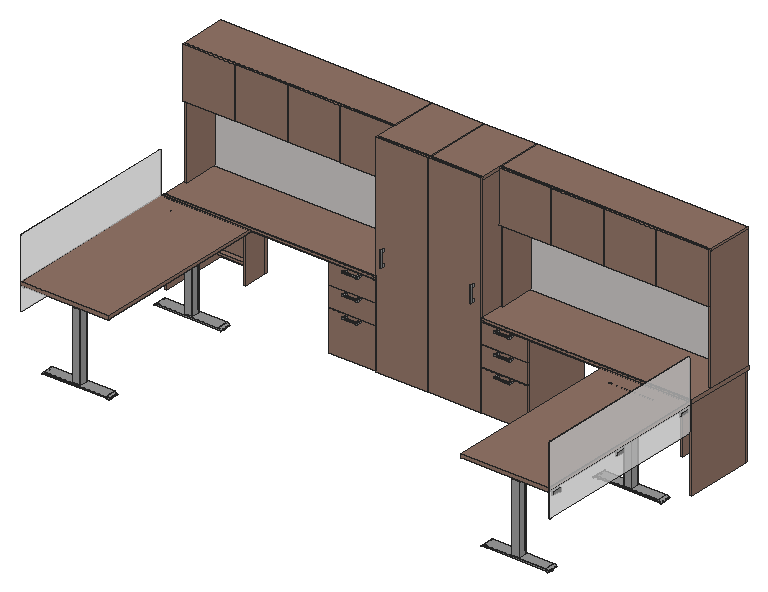
Revit family "JSI-Vision-Typical_Veneer-VSV117", category Furniture, Revit 2020 (continued)
Definition of nested family "JSI-Vision-Wardrobe"
  Definition of nested family "Vertical Bar Pull"
    Dimensions and locks (in)
      plane 13 to plane 12 to plane 2 to plane 11 to plane 10 = 0.8" locked, 1.88731" locked, 1.88731" locked, 0.8" locked
      plane 1 "Center Front/Back" to plane 9 to plane 8 = 0.85202" locked, 0.14798" locked
      aligned and locked: level to plane 2
      aligned and locked: plane 8 to Extrusion 2 sketch curve
      aligned and locked: Extrusion 3 to plane 1 "Center Front/Back"
      aligned and locked: Extrusion 1 to plane 1 "Center Front/Back"
      aligned and locked: Extrusion 4 to plane 1 "Center Front/Back"
      aligned and locked: Extrusion 3 to plane 10
      aligned and locked: Extrusion 3 to plane 11
      aligned and locked: Extrusion 2 to plane 10
      aligned and locked: Extrusion 2 to plane 13
      aligned and locked: Extrusion 4 to plane 13
      aligned and locked: Extrusion 4 to plane 12
      aligned and locked: plane 1 "Center Front/Back" to Extrusion 4
      aligned and locked: plane 1 "Center Front/Back" to Extrusion 3
      aligned and locked: Extrusion 4 to plane 9
      aligned and locked: Extrusion 3 to plane 9
  Definition of nested family "Label 1-16 OH"
    Parameters
      Width = 1"
      Model Name = "Storage/Wardrobe"
    Reference planes (in)
      plane 1: y = 0
      plane 2: x = 0
    Text (in)
      label "XX" at (0.00051, -0.12324, 0), shows "Model Name"
Definition of nested family "JSI-Vision-Credenza_Top"
  Parameters (values of type "Type Catalog")
    Worksurface = none
    Width = 30"
    URL = "www.jsifurniture.com"
    Type Comments = ""
    Series = "Vision Casegoods"  # constant formula
    Model = "Type Catalog"
    Material = ""
    Manufacturer = "JSI"  # constant formula
    Keynote = "12500"
    JSI Enviromental Website = "http://www.jsifurniture.com/jsi_sustainability_intro.php"
    Height [instance] = 0"
    Description = "Type Catalog"
    Depth = 20"
    Default Elevation = 0"
    Assembly Code = "E2020200"
  Reference planes (in)
    plane 1 "Center Front/Back": y = 0
    plane 2: z = 0
    plane 3 "Center Left/Right": x = 0
    plane 4: z = 0
    plane 5: x = 30
    plane 6: y = -20
    plane 7: z = 1.1875
    plane 8: z = 0
  Forms (in)
    Extrusion 1, solid, material <- "Worksurface"
      sketch origin (0, 0, 28) x (0, 1, 0) y (0, 0, 1)
        loop
          line (-19.88189, -28) -> (0, -28) -> (0, -26.8125) -> (-19.88189, -26.8125)
          arc (-19.88189, -26.8125) -> (-19.96541, -26.84709) -> (-20, -26.93061) r 0.11811
          line (-20, -26.93061) -> (-20, -27.88189)
          arc (-20, -27.88189) -> (-19.96541, -27.96541) -> (-19.88189, -28) r 0.11811
      from 0 to 30
  Lines and regions (in)
    symbolic lines
      curve 1: line (0, 0, 0) -> (30, 0, 0)
      curve 2: line (0, -20, 0) -> (0, 0, 0)
      curve 3: line (30, -20, 0) -> (0, -20, 0)
      curve 4: line (30, 0, 0) -> (30, -20, 0)
  Dimensions and locks (in)
    "Depth": plane 6 to plane 1 "Center Front/Back"
    "Width": plane 5 to plane 3 "Center Left/Right"
    locked: plane 7 to plane 8 at 1.1875
    "Height": plane 8 to level
    aligned and locked: level to plane 2
    aligned and locked: plane 5 to Extrusion 1
    aligned and locked: curve 1 to Extrusion 1
    aligned and locked: curve 2 to Extrusion 1
    aligned and locked: plane 6 to curve 3
    aligned and locked: curve 4 to plane 5
    aligned and locked: Extrusion 1 to plane 8
    aligned and locked: plane 7 to Extrusion 1
  Automatic sketch dimensions
    Extrusion 1 sketch curve to plane 6 = 0"
    level to Extrusion 1 sketch curve = 0"
    Extrusion 1 sketch curve to plane 7 = 0"
    Extrusion 1 sketch curve to plane 1 "Center Front/Back" = 0"
    Extrusion 1 sketch curve to Extrusion 1 sketch curve = 0.11811"
    plane 6 to Extrusion 1 sketch curve = 0.11811"
Definition of nested family "JSI-Vision-Adjustable_Table_Standard_Range"
  Parameters (values of type "VST3048AHTD-S - Adjustable Height Table Standard Range 48"W x 30"D x 30"H")
    Width = 48"
    Upper Leg Finish = none
    URL = "www.jsifurniture.com"
    Type Comments = ""
    Top Finish = none
    Support Finish = none
    Series = "Vision Casegoods"  # constant formula
    Low Leg Finish = none
    Model = "VST3048AHTD-S"
    Material = ""
    Manufacturer = "JSI"  # constant formula
    Keynote = "12500"  # constant formula
    JSI Enviromental Website = "http://www.jsifurniture.com/jsi_sustainability_intro.php"
    Height = 29 3/16"
    Glide Finish = none
    Feet Finish = none
    Description = "Adjustable Height Table Desk Standard Range Laminate - 30”H x 30”D x 48”W"
    Depth = 30"
    Default Elevation = 0"
    Assembly Code = "E2020200"
    Adj Post Finish = none
  Types (6): name | Width | Model | Description
    VST3072AHTD-S - Adjustable Height Table Standard Range 72"W x 30"D x 30"H | 72" | "VST3072AHTD-S" | "Adjustable Height Table Desk Standard Range Laminate - 30”H x 30”D x 72”W"
    VSV3072AHTD-S - Adjustable Height Table Standard Range 72"W x 30"D x 30"H | 72" | "VSV3072AHTD-S" | "Adjustable Height Table Desk Standard Range Veneer - 30”H x 30”D x 72”W"
    VST3060AHTD-S - Adjustable Height Table Standard Range 60"W x 30"D x 30"H | 60" | "VST3060AHTD-S" | "Adjustable Height Table Desk Standard Range Laminate - 30”H x 30”D x 60”W"
    VSV3060AHTD-S - Adjustable Height Table Standard Range 60"W x 30"D x 30"H | 60" | "VSV3060AHTD-S" | "Adjustable Height Table Desk Standard Range Veneer - 30”H x 30”D x 60”W"
    VST3048AHTD-S - Adjustable Height Table Standard Range 48"W x 30"D x 30"H | 48" | "VST3048AHTD-S" | "Adjustable Height Table Desk Standard Range Laminate - 30”H x 30”D x 48”W"
    VSV3048AHTD-S - Adjustable Height Table Standard Range 48"W x 30"D x 30"H | 48" | "VSV3048AHTD-S" | "Adjustable Height Table Desk Standard Range Veneer - 30”H x 30”D x 48”W"
  Reference planes (in)
    plane 1 "Center Front/Back": y = 0
    plane 2: z = 0
    plane 3 "Center Left/Right": x = 0
    plane 4: z = 29.1875
    plane 5: z = 28
    plane 6: x = 48
    plane 7: y = -30
    plane 8: y = -15
  Forms (in)
    Extrusion 1, solid, material <- "Top Finish"
      sketch origin (0, 0, 0) x (0, 1, 0) y (0, 0, 1)
        loop
          arc (-29.88189, 29.1875) -> (-29.96256, 29.15006) -> (-30, 29.06939) r 0.12937
          line (-30, 29.06939) -> (-30, 28.11811)
          arc (-30, 28.11811) -> (-29.96256, 28.03744) -> (-29.88189, 28) r 0.12937
          line (-29.88189, 28) -> (-29.72106, 28) -> (-0.27894, 28) -> (-0.11811, 28)
          arc (-0.11811, 28) -> (-0.03744, 28.03744) -> (0, 28.11811) r 0.12937
          line (0, 28.11811) -> (0, 29.06939)
          arc (0, 29.06939) -> (-0.03744, 29.15006) -> (-0.11811, 29.1875) r 0.12937
          line (-0.11811, 29.1875) -> (-29.88189, 29.1875)
      from 0 to 48
  Lines and regions (in)
    symbolic lines
      curve 1: line (0, 0, 0) -> (48, 0, 0)
      curve 2: line (0, -30, 0) -> (0, 0, 0)
      curve 3: line (48, -30, 0) -> (0, -30, 0)
      curve 4: line (48, 0, 0) -> (48, -30, 0)
  Dimensions and locks (in)
    "Height": plane 4 to level
    locked: plane 4 to plane 5 at 1.1875
    "Width": plane 3 "Center Left/Right" to plane 6
    "Depth": plane 1 "Center Front/Back" to plane 7
    equal spacing: plane 1 "Center Front/Back", plane 8, plane 7
    aligned and locked: level to plane 2
    aligned and locked: plane 3 "Center Left/Right" to nested 1
    aligned and locked: nested 1 to plane 8
    aligned and locked: plane 4 to Extrusion 1 sketch curve
    aligned and locked: Extrusion 1 sketch curve to plane 5
    aligned and locked: Extrusion 1 sketch curve to plane 1 "Center Front/Back"
    aligned and locked: Extrusion 1 sketch curve to plane 7
    aligned and locked: Extrusion 1 to plane 3 "Center Left/Right"
    aligned and locked: Extrusion 1 to plane 6
    aligned and locked: plane 7 to curve 3
    aligned and locked: plane 1 "Center Front/Back" to curve 1
    aligned and locked: plane 3 "Center Left/Right" to curve 2
    aligned and locked: plane 6 to curve 4
  Automatic sketch dimensions
    plane 7 to Extrusion 1 sketch curve = 0.11811"  (x2)
    Extrusion 1 sketch curve to plane 5 = 0"  (x2)
    plane 7 to Extrusion 1 sketch curve = 33/256"  (x2)
    Extrusion 1 sketch curve to Extrusion 1 sketch curve = 0.16082"
    plane 1 "Center Front/Back" to Extrusion 1 sketch curve = 0.27894"
    plane 1 "Center Front/Back" to Extrusion 1 sketch curve = 33/256"  (x2)
    plane 1 "Center Front/Back" to Extrusion 1 sketch curve = 0.11811"  (x2)
    plane 5 to Extrusion 1 sketch curve = 0.11811"  (x2)
    Extrusion 1 sketch curve to plane 4 = 33/256"  (x2)
  Nested families (in)
    nested 1: "Adj Base" at (0, -15, 0), Height <- "Height", W Top <- "Width", Adj Post Finish <- "Adj Post Finish", Feet Finish <- "Feet Finish", Glide Finish <- "Glide Finish", Low Leg Finish <- "Low Leg Finish", Support Finish <- "Support Finish", Upper Leg Finish <- "Upper Leg Finish", type "Adj Base"
      with W Top 48", Upper Leg Finish none, Support Finish none, Low Leg Finish none, Height 29 3/16", Glide Finish none, Feet Finish none, Adj Post Finish none
  Definition of nested family "Adj Base"
    Parameters (values of type "Adj Base")
      W Top [instance] = 72"
      Upper Leg Finish [instance] = none
      Support Finish [instance] = none
      Low Leg Finish [instance] = none
      Height [instance] = 29 1/2"
      Glide Finish [instance] = none
      Feet Finish [instance] = none
      Default Elevation = 0"
      Adj Post Finish [instance] = none
    Reference planes (in)
      plane 1 "Center (Front/Back)": y = 0
      plane 2: z = 0
      plane 3 "Center (Left/Right)": x = 0
      plane 4: z = 29.5
      plane 5: x = 72
      plane 6: z = 28.3125
      plane 7: x = 6.09647
      plane 8: x = 65.90353
    Forms (in)
      Extrusion 1, solid, material <- "Support Finish"
        sketch origin (1.67343, 0, 0) x (-1, 0, 0) y (0, 0, 1)
          loop
            line (-2.26388, 26.15894) -> (-2.26388, 28.00935) -> (-10.9253, 28.00935) -> (-10.9253, 27.73435) -> (-10.3632, 27.73435) -> (-9.86301, 26.15894) -> (-2.26388, 26.15894)
          loop
            line (-66.38926, 26.15894) -> (-58.79012, 26.15894) -> (-58.28994, 27.73435) -> (-57.72784, 27.73435) -> (-57.72784, 28.00935) -> (-66.38926, 28.00935) -> (-66.38926, 26.15894)
        from -1.89028 to 1.90897
      Extrusion 2, solid, material <- "Support Finish"
        sketch origin (8.68126, 0, 0) x (0, 1, 0) y (0, 0, 1)
          loop
            arc (2.60827, 26.81644) -> (2.67785, 26.84526) -> (2.70667, 26.91484) r 0.0984
            line (2.70667, 26.91484) -> (2.70667, 28.09931)
            arc (2.70667, 28.09931) -> (2.67882, 28.16654) -> (2.61158, 28.19439) r 0.09508
            line (2.61158, 28.19439) -> (2.01307, 28.19439)
            arc (2.01307, 28.19439) -> (1.94678, 28.16693) -> (1.91932, 28.10064) r 0.09375
            line (1.91932, 28.10064) -> (1.91932, 26.91484)
            arc (1.91932, 26.91484) -> (1.94814, 26.84526) -> (2.01772, 26.81644) r 0.0984
            line (2.01772, 26.81644) -> (2.60827, 26.81644)
          loop
            line (-2.60827, 26.81644) -> (-2.01772, 26.81644)
            arc (-2.01772, 26.81644) -> (-1.94814, 26.84526) -> (-1.91932, 26.91484) r 0.0984
            line (-1.91932, 26.91484) -> (-1.91932, 28.10064)
            arc (-1.91932, 28.10064) -> (-1.94678, 28.16693) -> (-2.01307, 28.19439) r 0.09375
            line (-2.01307, 28.19439) -> (-2.61158, 28.19439)
            arc (-2.61158, 28.19439) -> (-2.67882, 28.16654) -> (-2.70667, 28.09931) r 0.09508
            line (-2.70667, 28.09931) -> (-2.70667, 26.91484)
            arc (-2.70667, 26.91484) -> (-2.67785, 26.84526) -> (-2.60827, 26.81644) r 0.0984
        from -5.06315 to 15.07466
      Extrusion 3, solid, material <- "Support Finish"
        sketch origin (1.70596, 0, 0) x (0, 1, 0) y (0, 0, 1)
          loop
            arc (2.50984, 27.32825) -> (2.59335, 27.36284) -> (2.62794, 27.44635) r 0.1181
            line (2.62794, 27.44635) -> (2.62794, 27.99755)
            arc (2.62794, 27.99755) -> (2.59335, 28.08106) -> (2.50984, 28.11565) r 0.1181
            line (2.50984, 28.11565) -> (2.15551, 28.11565)
            arc (2.15551, 28.11565) -> (2.072, 28.08106) -> (2.03741, 27.99755) r 0.1181
            line (2.03741, 27.99755) -> (2.03741, 27.44635)
            arc (2.03741, 27.44635) -> (2.072, 27.36284) -> (2.15551, 27.32825) r 0.1181
            line (2.15551, 27.32825) -> (2.50984, 27.32825)
          loop
            arc (-2.15551, 27.32825) -> (-2.072, 27.36284) -> (-2.03741, 27.44635) r 0.1181
            line (-2.03741, 27.44635) -> (-2.03741, 27.99755)
            arc (-2.03741, 27.99755) -> (-2.072, 28.08106) -> (-2.15551, 28.11565) r 0.1181
            line (-2.15551, 28.11565) -> (-2.50984, 28.11565)
            arc (-2.50984, 28.11565) -> (-2.59335, 28.08106) -> (-2.62794, 27.99755) r 0.1181
            line (-2.62794, 27.99755) -> (-2.62794, 27.44635)
            arc (-2.62794, 27.44635) -> (-2.59335, 27.36284) -> (-2.50984, 27.32825) r 0.1181
            line (-2.50984, 27.32825) -> (-2.15551, 27.32825)
        from 16.18381 to 52.40428
      Extrusion 4, solid, material <- "Feet Finish"
        sketch origin (3.34686, 0, 0) x (0, 1, 0) y (0, 0, 1)
          loop
            line (10.52318, 1.16069) -> (-10.52318, 1.16069)
            arc (-10.52318, 1.16069) -> (-10.60868, 1.14561) -> (-10.68388, 1.1022) r 0.25
            line (-10.68388, 1.1022) -> (-11.48879, 0.4268) -> (-11.40022, 0.32124) -> (-10.59879, 0.99371)
            arc (-10.59879, 0.99371) -> (-10.56128, 1.01537) -> (-10.51862, 1.02289) r 0.12472
            line (-10.51862, 1.02289) -> (10.51852, 1.02289)
            arc (10.51852, 1.02289) -> (10.56128, 1.01536) -> (10.59887, 0.99365) r 0.125
            line (10.59887, 0.99365) -> (11.40022, 0.32124) -> (11.48879, 0.4268) -> (10.68388, 1.1022)
            arc (10.68388, 1.1022) -> (10.60869, 1.14561) -> (10.52318, 1.16069) r 0.25
        from 0.93859 to 4.56063
      Extrusion 5, solid, material <- "Feet Finish"
        sketch origin (3.34686, 0, 0) x (0, 1, 0) y (0, 0, 1)
          loop
            line (-11.14173, 0.39297) -> (11.14173, 0.39297) -> (11.14173, 0.53813) -> (10.59887, 0.99365)
            arc (10.59887, 0.99365) -> (10.56128, 1.01535) -> (10.51852, 1.02289) r 0.125
            line (10.51852, 1.02289) -> (-10.51862, 1.02289)
            arc (-10.51862, 1.02289) -> (-10.56128, 1.01537) -> (-10.59879, 0.99371) r 0.12472
            line (-10.59879, 0.99371) -> (-11.14173, 0.53813) -> (-11.14173, 0.39297)
        from 1.19449 to 4.30473
      Extrusion 6, solid, material <- "Feet Finish"
        sketch origin (12.34686, 0, 0) x (0, 1, 0) y (0, 0, 1)
          loop
            line (10.52318, 1.16069) -> (-10.52318, 1.16069)
            arc (-10.52318, 1.16069) -> (-10.60868, 1.14561) -> (-10.68388, 1.1022) r 0.25
            line (-10.68388, 1.1022) -> (-11.48879, 0.4268) -> (-11.40022, 0.32124) -> (-10.59879, 0.99371)
            arc (-10.59879, 0.99371) -> (-10.56128, 1.01537) -> (-10.51862, 1.02289) r 0.12472
            line (-10.51862, 1.02289) -> (10.51852, 1.02289)
            arc (10.51852, 1.02289) -> (10.56128, 1.01536) -> (10.59887, 0.99365) r 0.125
            line (10.59887, 0.99365) -> (11.40022, 0.32124) -> (11.48879, 0.4268) -> (10.68388, 1.1022)
            arc (10.68388, 1.1022) -> (10.60869, 1.14561) -> (10.52318, 1.16069) r 0.25
        from 51.74564 to 55.473
      Extrusion 7, solid, material <- "Low Leg Finish"
        sketch origin (0, 0, 0) x (1, 0, 0) y (0, 1, 0)
          loop
            line (4.73819, 1.25984) -> (4.73819, -1.25984)
            arc (4.73819, -1.25984) -> (4.76702, -1.32944) -> (4.83661, -1.35827) r 0.09843
            line (4.83661, -1.35827) -> (7.3563, -1.35827)
            arc (7.3563, -1.35827) -> (7.4259, -1.32944) -> (7.45472, -1.25984) r 0.09843
            line (7.45472, -1.25984) -> (7.45472, 1.25984)
            arc (7.45472, 1.25984) -> (7.4259, 1.32944) -> (7.3563, 1.35827) r 0.09843
            line (7.3563, 1.35827) -> (4.83661, 1.35827)
            arc (4.83661, 1.35827) -> (4.76702, 1.32944) -> (4.73819, 1.25984) r 0.09843
          loop
            arc (67.26181, 1.25984) -> (67.23298, 1.32944) -> (67.16339, 1.35827) r 0.09843
            line (67.16339, 1.35827) -> (64.6437, 1.35827)
            arc (64.6437, 1.35827) -> (64.5741, 1.32944) -> (64.54528, 1.25984) r 0.09843
            line (64.54528, 1.25984) -> (64.54528, -1.25984)
            arc (64.54528, -1.25984) -> (64.5741, -1.32944) -> (64.6437, -1.35827) r 0.09843
            line (64.6437, -1.35827) -> (67.16339, -1.35827)
            arc (67.16339, -1.35827) -> (67.23298, -1.32944) -> (67.26181, -1.25984) r 0.09843
            line (67.26181, -1.25984) -> (67.26181, 1.25984)
        from 1.16069 to 24.23031
      Extrusion 8, solid, material <- "Upper Leg Finish"
        sketch origin (0, 0, 0) x (1, 0, 0) y (0, 1, 0)
          loop
            line (7.16929, 1.17126) -> (5.02362, 1.17126)
            arc (5.02362, 1.17126) -> (4.95402, 1.14243) -> (4.9252, 1.07283) r 0.09843
            line (4.9252, 1.07283) -> (4.9252, -1.07283)
            arc (4.9252, -1.07283) -> (4.95402, -1.14243) -> (5.02362, -1.17126) r 0.09843
            line (5.02362, -1.17126) -> (7.16929, -1.17126)
            arc (7.16929, -1.17126) -> (7.23889, -1.14243) -> (7.26772, -1.07283) r 0.09843
            line (7.26772, -1.07283) -> (7.26772, 1.07283)
            arc (7.26772, 1.07283) -> (7.23889, 1.14243) -> (7.16929, 1.17126) r 0.09843
          loop
            arc (64.83071, 1.17126) -> (64.76111, 1.14243) -> (64.73228, 1.07283) r 0.09843
            line (64.73228, 1.07283) -> (64.73228, -1.07283)
            arc (64.73228, -1.07283) -> (64.76111, -1.14243) -> (64.83071, -1.17126) r 0.09843
            line (64.83071, -1.17126) -> (67.04524, -1.17126)
            arc (67.04524, -1.17126) -> (67.09765, -1.14955) -> (67.11936, -1.09714) r 0.07412
            line (67.11936, -1.09714) -> (67.11936, 1.02828)
            arc (67.11936, 1.02828) -> (67.07748, 1.12938) -> (66.97638, 1.17126) r 0.14298
            line (66.97638, 1.17126) -> (64.83071, 1.17126)
        from 2.77313 to 26.15894
      Extrusion 9, solid, material <- "Support Finish"
        sketch origin (0, 0, 0) x (1, 0, 0) y (0, 0, 1)
          loop
            line (3.5, 26.14715) -> (3.61811, 26.14715) -> (3.61811, 28.15745)
            arc (3.61811, 28.15745) -> (3.62893, 28.18357) -> (3.65505, 28.19439) r 0.03694
            line (3.65505, 28.19439) -> (5.0748, 28.19439) -> (5.0748, 28.3125) -> (3.65534, 28.3125)
            arc (3.65534, 28.3125) -> (3.5455, 28.267) -> (3.5, 28.15716) r 0.15534
            line (3.5, 28.15716) -> (3.5, 26.14715)
          loop
            line (68.5, 26.14715) -> (68.5, 28.15716)
            arc (68.5, 28.15716) -> (68.4545, 28.267) -> (68.34466, 28.3125) r 0.15534
            line (68.34466, 28.3125) -> (66.9252, 28.3125) -> (66.9252, 28.19439) -> (68.34495, 28.19439)
            arc (68.34495, 28.19439) -> (68.37107, 28.18357) -> (68.38189, 28.15745) r 0.03694
            line (68.38189, 28.15745) -> (68.38189, 26.14715) -> (68.5, 26.14715)
        from -10.14567 to 10.14567
      Extrusion 10, void
        sketch origin (0, 0, 0) x (0, 1, 0) y (0, 0, 1)
          loop
            line (-9.64567, 28.65728) -> (-10.14567, 28.65728) -> (-10.14567, 25.65728) -> (10.14567, 25.65728) -> (10.14567, 28.65728) -> (9.64567, 28.65728) -> (9.64567, 27.93724)
            arc (9.64567, 27.93724) -> (9.53149, 27.61921) -> (9.2411, 27.44643) r 0.5
            line (9.2411, 27.44643) -> (2.76152, 26.18651)
            arc (2.76152, 26.18651) -> (2.61903, 26.16585) -> (2.47521, 26.15894) r 1.5
            line (2.47521, 26.15894) -> (-2.47521, 26.15894)
            arc (-2.47521, 26.15894) -> (-2.61903, 26.16585) -> (-2.76152, 26.18651) r 1.5
            line (-2.76152, 26.18651) -> (-9.2411, 27.44643)
            arc (-9.2411, 27.44643) -> (-9.53149, 27.61921) -> (-9.64567, 27.93724) r 0.5
            line (-9.64567, 27.93724) -> (-9.64567, 28.65728)
        from 1.99619 to 70.00235
      Extrusion 11, solid, material <- "Support Finish"
        sketch origin (60.8427, 0, 0) x (0, 1, 0) y (0, 0, -1)
          loop
            line (-2.01772, -26.81644) -> (-2.61292, -26.81644)
            arc (-2.61292, -26.81644) -> (-2.67921, -26.8439) -> (-2.70667, -26.91019) r 0.09375
            line (-2.70667, -26.91019) -> (-2.70667, -28.10064)
            arc (-2.70667, -28.10064) -> (-2.67921, -28.16693) -> (-2.61292, -28.19439) r 0.09375
            line (-2.61292, -28.19439) -> (-2.0144, -28.19439)
            arc (-2.0144, -28.19439) -> (-1.94717, -28.16654) -> (-1.91932, -28.09931) r 0.09508
            line (-1.91932, -28.09931) -> (-1.91932, -26.91484)
            arc (-1.91932, -26.91484) -> (-1.94814, -26.84526) -> (-2.01772, -26.81644) r 0.0984
          loop
            line (2.60827, -26.81644) -> (2.0132, -26.81644)
            arc (2.0132, -26.81644) -> (1.94682, -26.84394) -> (1.91932, -26.91032) r 0.09389
            line (1.91932, -26.91032) -> (1.91932, -28.09931)
            arc (1.91932, -28.09931) -> (1.94717, -28.16654) -> (2.0144, -28.19439) r 0.09508
            line (2.0144, -28.19439) -> (2.61292, -28.19439)
            arc (2.61292, -28.19439) -> (2.67921, -28.16693) -> (2.70667, -28.10064) r 0.09375
            line (2.70667, -28.10064) -> (2.70667, -26.91484)
            arc (2.70667, -26.91484) -> (2.67785, -26.84526) -> (2.60827, -26.81644) r 0.0984
        from -7.53919 to 12.59862
      Revolve 12, solid, material <- "Glide Finish"
        sketch origin (0, -10.27559, 0) x (1, 0, 0) y (0, 0, 1)
          loop
            line (6.09647, 0.94489) -> (5.93882, 0.94489) -> (5.93882, 0.39297) -> (5.30863, 0.39297) -> (5.11222, 0.19657) -> (5.11222, 0) -> (6.09647, 0) -> (6.09647, 0.94489)
          axis (6.09647, 0.94489) -> (6.09647, 0)
        angle from 0 to 360
      Revolve 13, solid, material <- "Glide Finish"
        sketch origin (0, 10.27547, 0) x (1, 0, 0) y (0, 0, 1)
          loop
            line (6.09647, 0.94489) -> (5.93882, 0.94489) -> (5.93882, 0.39297) -> (5.30863, 0.39297) -> (5.11222, 0.19657) -> (5.11222, 0) -> (6.09647, 0) -> (6.09647, 0.94489)
          axis (6.09647, 0.94489) -> (6.09647, 0)
        angle from 0 to 360
      Revolve 14, solid, material <- "Glide Finish"
        sketch origin (59.80705, -10.27559, 0) x (1, 0, 0) y (0, 0, 1)
          loop
            line (6.09647, 0.94489) -> (5.93882, 0.94489) -> (5.93882, 0.39297) -> (5.30863, 0.39297) -> (5.11222, 0.19657) -> (5.11222, 0) -> (6.09647, 0) -> (6.09647, 0.94489)
          axis (6.09647, 0.94489) -> (6.09647, 0)
        angle from 0 to 360
      Revolve 15, solid, material <- "Glide Finish"
        sketch origin (59.80705, 10.27547, 0) x (1, 0, 0) y (0, 0, 1)
          loop
            line (6.09647, 0.94489) -> (5.93882, 0.94489) -> (5.93882, 0.39297) -> (5.30863, 0.39297) -> (5.11222, 0.19657) -> (5.11222, 0) -> (6.09647, 0) -> (6.09647, 0.94489)
          axis (6.09647, 0.94489) -> (6.09647, 0)
        angle from 0 to 360
      Extrusion 16, solid, material <- "Feet Finish"
        sketch origin (63.15392, 0, 0) x (0, 1, 0) y (0, 0, 1)
          loop
            line (-11.14173, 0.39297) -> (11.14173, 0.39297) -> (11.14173, 0.53813) -> (10.59887, 0.99365)
            arc (10.59887, 0.99365) -> (10.56128, 1.01535) -> (10.51852, 1.02289) r 0.125
            line (10.51852, 1.02289) -> (-10.51862, 1.02289)
            arc (-10.51862, 1.02289) -> (-10.56128, 1.01537) -> (-10.59879, 0.99371) r 0.12472
            line (-10.59879, 0.99371) -> (-11.14173, 0.53813) -> (-11.14173, 0.39297)
        from 1.19449 to 4.30473
    Cuts and joins
      Extrusion 10 cuts Extrusion 9
    Lines and regions (in)
      symbolic lines
        curve 1: line (7.9075, 11.48879, 0) -> (4.28545, 11.48879, 0)
        curve 2: line (7.9075, -11.48879, 0) -> (7.9075, 11.48879, 0)
        curve 3: line (4.28545, -11.48879, 0) -> (7.9075, -11.48879, 0)
        curve 4: line (4.28545, 11.48879, 0) -> (4.28545, 9.64567, 0)
        curve 5: line (67.81987, 11.48879, 0) -> (64.0925, 11.48879, 0)
        curve 6: line (67.81987, 9.64567, 0) -> (67.81987, 11.48879, 0)
        curve 7: line (64.0925, -11.48879, 0) -> (67.81987, -11.48879, 0)
        curve 8: line (64.0925, 11.48879, 0) -> (64.0925, -11.48879, 0)
        curve 9: line (3.5, 9.64567, 0) -> (5.0748, 9.64567, 0)
        curve 10: line (3.5, -9.64567, 0) -> (3.5, 9.64567, 0)
        curve 11: line (5.0748, -9.64567, 0) -> (3.5, -9.64567, 0)
        curve 12: line (5.0748, 9.64567, 0) -> (5.0748, -9.64567, 0)
        curve 13: line (68.5, 9.64567, 0) -> (66.9252, 9.64567, 0)
        curve 14: line (68.5, -9.64567, 0) -> (68.5, 9.64567, 0)
        curve 15: line (66.9252, -9.64567, 0) -> (68.5, -9.64567, 0)
        curve 16: line (66.9252, 9.64567, 0) -> (66.9252, -9.64567, 0)
        curve 17: line (66.9252, 2.70667, 0) -> (48.24408, 2.70667, 0)
        curve 18: line (48.24408, 2.70667, 0) -> (48.24408, 1.91932, 0)
        curve 19: line (48.24408, 1.91932, 0) -> (66.9252, 1.91932, 0)
        curve 20: line (66.9252, -1.92113, 0) -> (48.24408, -1.91932, 0)
        curve 21: line (48.24408, -1.91932, 0) -> (48.24408, -2.70667, 0)
        curve 22: line (48.24408, -2.70667, 0) -> (66.9252, -2.70667, 0)
        curve 23: line (23.75592, 2.70667, 0) -> (23.75592, 1.91932, 0)
        curve 24: line (23.75592, 1.91932, 0) -> (5.0748, 1.91932, 0)
        curve 25: line (23.75592, 2.70667, 0) -> (5.0748, 2.70667, 0)
        curve 26: line (23.75592, -1.91932, 0) -> (5.0748, -1.91932, 0)
        curve 27: line (23.75592, -2.70667, 0) -> (5.0748, -2.70667, 0)
        curve 28: line (23.75592, -1.91932, 0) -> (23.75592, -2.70667, 0)
        curve 29: line (4.28545, -11.48879, 0) -> (4.28545, -9.64567, 0)
        curve 30: line (67.81987, -11.48879, 0) -> (67.81987, -9.64567, 0)
        curve 31: line (23.75592, 2.62798, 0) -> (48.24408, 2.62798, 0)
        curve 32: line (23.75592, 2.03782, 0) -> (48.24408, 2.03782, 0)
        curve 33: line (23.75592, -2.03689, 0) -> (48.24408, -2.03689, 0)
        curve 34: line (23.75592, -2.6279, 0) -> (48.24408, -2.6279, 0)
    Dimensions and locks (in)
      "Height": plane 2 to plane 4
      Extrusion 1 sketch curve to Extrusion 1 sketch curve to Extrusion 1 sketch curve to plane 4 = 1.57541" locked, 0.275", 1.49065"
      Extrusion 4 sketch curve to Extrusion 4 sketch curve to Extrusion 4 sketch curve to Extrusion 4 sketch curve to plane 1 "Center (Front/Back)" to Extrusion 4 sketch curve to Extrusion 4 sketch curve to Extrusion 4 sketch curve to Extrusion 4 sketch curve = 0.08857" locked, 0.87704" locked, 0.00456" locked, 10.51862" locked, 10.51852" locked, 0.00466" locked, 0.87704" locked, 0.08857" locked
      plane 2 to Extrusion 4 sketch curve to Extrusion 4 sketch curve to Extrusion 4 sketch curve to Extrusion 4 sketch curve to Extrusion 4 sketch curve to Extrusion 4 sketch curve = 0.32124" locked, 0.10556" locked, 0.4711" locked, 0.0128" locked, 0.1122" locked, 0.1378" locked
      Extrusion 4 to Extrusion 5 to plane 7 to Extrusion 5 to Extrusion 4 to plane 3 "Center (Left/Right)" = 0.25591" locked, 1.55512" locked, 1.55512" locked, 0.25591" locked, 4.28545" locked
      plane 2 to Extrusion 5 sketch curve to Extrusion 5 sketch curve = 0.39297" locked, 0.62992" locked
      Extrusion 5 sketch curve to plane 1 "Center (Front/Back)" to Extrusion 5 sketch curve = 11.14173" locked, 11.14173" locked
      Extrusion 6 sketch curve to Extrusion 6 sketch curve to Extrusion 6 sketch curve to Extrusion 6 sketch curve to Extrusion 6 sketch curve to Extrusion 6 sketch curve to Extrusion 6 sketch curve to Extrusion 6 sketch curve = 0.08857" locked, 0.87704" locked, 0.00456" locked, 21.03715", 0.00466" locked, 0.87704" locked, 0.08857" locked
      Extrusion 6 sketch curve to Extrusion 6 sketch curve to Extrusion 6 sketch curve to Extrusion 6 sketch curve to Extrusion 6 sketch curve to Extrusion 6 sketch curve = 0.10556" locked, 0.4711" locked, 0.0128" locked, 0.1122" locked, 0.1378" locked
      plane 5 to Extrusion 6 to Extrusion 16 to plane 8 to Extrusion 16 to Extrusion 6 = 4.18013" locked, 0.36123" locked, 1.55512" locked, 1.55512" locked, 0.25591" locked
      Extrusion 7 sketch curve to plane 1 "Center (Front/Back)" to Extrusion 7 sketch curve = 1.25984" locked, 1.25984" locked  (x2)
      Extrusion 7 sketch curve to Extrusion 7 sketch curve to plane 3 "Center (Left/Right)" = 2.51969" locked, 4.83661" locked
      Extrusion 7 sketch curve to Extrusion 7 sketch curve to plane 5 = 2.51969" locked, 4.83661" locked
      locked: Extrusion 7 to plane 2 at 24.23031
      Extrusion 8 sketch curve to Extrusion 8 sketch curve to plane 5 = 2.14567" locked, 5.02362" locked
      Extrusion 8 sketch curve to Extrusion 8 sketch curve to plane 3 "Center (Left/Right)" = 2.14567" locked, 5.02362" locked
      Extrusion 8 sketch curve to plane 1 "Center (Front/Back)" to Extrusion 8 sketch curve = 1.07283" locked, 1.07283" locked
      Extrusion 1 sketch curve to Extrusion 1 sketch curve to Extrusion 1 sketch curve to plane 4 = 1.57541" locked, 0.275" locked, 1.49065" locked
      Extrusion 1 sketch curve to Extrusion 1 sketch curve to Extrusion 1 sketch curve to Extrusion 1 sketch curve to plane 3 "Center (Left/Right)" = 0.5621" locked, 0.50019" locked, 7.59913" locked, 3.93731" locked
      plane 5 to Extrusion 1 sketch curve to Extrusion 1 sketch curve to Extrusion 1 sketch curve = 3.93731" locked, 7.59913" locked, 1.06228" locked
      Extrusion 2 sketch curve to Extrusion 2 sketch curve to Extrusion 2 sketch curve to Extrusion 2 sketch curve to plane 1 "Center (Front/Back)" to Extrusion 2 sketch curve to Extrusion 2 sketch curve to Extrusion 2 sketch curve to Extrusion 2 sketch curve = 0.09508" locked, 0.59852" locked, 3/32" locked, 1.91932" locked, 1.91932" locked, 3/32" locked, 0.59852" locked, 0.09508" locked
      locked: plane 4 to plane 6 at 1.1875
      Extrusion 8 to Extrusion 8 to plane 6 = 23.38581" locked, 2.15356" locked
      Extrusion 3 sketch curve to Extrusion 3 sketch curve to Extrusion 3 sketch curve to Extrusion 3 sketch curve to plane 1 "Center (Front/Back)" to Extrusion 3 sketch curve to Extrusion 3 sketch curve to Extrusion 3 sketch curve to Extrusion 3 sketch curve = 0.1181" locked, 0.35433" locked, 0.1181" locked, 2.03741" locked, 2.03741" locked, 0.1181" locked, 0.35433" locked, 0.1181" locked
      plane 6 to Extrusion 3 sketch curve to Extrusion 3 sketch curve to Extrusion 3 sketch curve to Extrusion 3 sketch curve = 0.19685" locked, 0.1181" locked, 0.5512" locked, 0.1181" locked
      Extrusion 9 sketch curve to Extrusion 9 sketch curve to Extrusion 9 sketch curve to Extrusion 9 sketch curve to plane 3 "Center (Left/Right)" = 1.41947" locked, 0.03723" locked, 0.11811" locked, 3 1/2" locked
      Extrusion 9 sketch curve to Extrusion 9 sketch curve to Extrusion 9 sketch curve to Extrusion 9 sketch curve to plane 5 = 1.41947" locked, 0.03723" locked, 0.11811" locked, 3 1/2" locked
      plane 6 to Extrusion 9 sketch curve to Extrusion 9 sketch curve to Extrusion 9 sketch curve = 0.11811" locked, 0.03723" locked, 2.01002" locked
      locked: plane 5 to Extrusion 10 at 1.99765
      locked: plane 3 "Center (Left/Right)" to Extrusion 10 at 1.99619
      Extrusion 10 sketch curve to plane 6 to Extrusion 10 sketch curve to Extrusion 10 sketch curve to Extrusion 10 sketch curve to Extrusion 10 sketch curve = 0.34478" locked, 0.37526" locked, 0.2783" locked, 1 1/2" locked, 0.50165" locked
      Extrusion 10 sketch curve to Extrusion 10 sketch curve to Extrusion 10 sketch curve to Extrusion 10 sketch curve to plane 1 "Center (Front/Back)" to Extrusion 10 sketch curve to Extrusion 10 sketch curve to Extrusion 10 sketch curve to Extrusion 10 sketch curve = 1/2" locked, 1/2" locked, 6.67046" locked, 2.47521" locked, 2.47521" locked, 6.67046" locked, 1/2" locked, 1/2" locked
      Extrusion 11 sketch curve to Extrusion 11 sketch curve to Extrusion 11 sketch curve to Extrusion 11 sketch curve to Extrusion 11 sketch curve to Extrusion 11 sketch curve to Extrusion 11 sketch curve to Extrusion 11 sketch curve = 3/32" locked, 0.59852" locked, 0.09508" locked, 3.83863" locked, 0.09508" locked, 0.59852" locked, 3/32" locked
      Extrusion 11 to Extrusion 3 to plane 5 = 5.86615" locked, 17.88976" locked
      Extrusion 2 to Extrusion 3 to plane 3 "Center (Left/Right)" = 5.86615" locked, 17.88976" locked
      Revolve 12 sketch curve to Revolve 12 sketch curve to Revolve 12 sketch curve to plane 7 = 0.1964" locked, 0.63019" locked, 0.15765" locked
      Revolve 13 sketch curve to Revolve 13 sketch curve to Revolve 13 sketch curve = 0.1964" locked, 0.63019" locked
      Revolve 13 to plane 1 "Center (Front/Back)" to Revolve 12 = 10.27547" locked, 10.27559" locked
      Revolve 14 sketch curve to Revolve 14 sketch curve to Revolve 14 sketch curve to plane 8 = 0.1964" locked, 0.63019" locked, 0.15765" locked
      Revolve 15 sketch curve to Revolve 15 sketch curve to Revolve 15 sketch curve = 0.1964" locked, 0.63019" locked
      Revolve 15 to Revolve 14 = 20.55106"
      Revolve 14 to plane 1 "Center (Front/Back)" to Revolve 15 = 10.27559" locked, 10.27547" locked
      locked: Extrusion 16 sketch curve to Extrusion 16 sketch curve at 0.62992
      Extrusion 16 sketch curve to plane 1 "Center (Front/Back)" to Extrusion 16 sketch curve = 11.14173" locked, 11.14173" locked
      "W Top": plane 3 "Center (Left/Right)" to plane 5
      locked: plane 3 "Center (Left/Right)" to plane 7 at 6.09647
      locked: plane 8 to plane 5 at 6.09647
      aligned and locked: plane 2 to level
      aligned and locked: Extrusion 7 to Extrusion 4
      aligned and locked: Extrusion 8 to Extrusion 1
      aligned and locked: Extrusion 3 sketch curve to Extrusion 3 sketch curve  (x2)
      aligned and locked: Extrusion 9 sketch curve to plane 6  (x2)
      aligned and locked: Extrusion 9 sketch curve to Extrusion 9 sketch curve  (x2)
      aligned and locked: Extrusion 2 to cut or joined group of Extrusion 9, Extrusion 10
      aligned and locked: Extrusion 10 sketch curve to Extrusion 10 sketch curve
      aligned and locked: Extrusion 11 to cut or joined group of Extrusion 9, Extrusion 10
      aligned and locked: plane 7 to Revolve 12 sketch curve
      aligned and locked: plane 8 to Revolve 14 sketch curve
      aligned and locked: curve 1 to Extrusion 4
      aligned and locked: curve 2 to Extrusion 4
      aligned and locked: curve 3 to Extrusion 4
      aligned and locked: curve 4 to Extrusion 4
      aligned and locked: curve 5 to Extrusion 6
      aligned and locked: Extrusion 6 to curve 6
      aligned and locked: curve 7 to Extrusion 6
      aligned and locked: curve 8 to Extrusion 6
      aligned and locked: curve 9 to cut or joined group of Extrusion 9, Extrusion 10
      aligned and locked: curve 10 to cut or joined group of Extrusion 9, Extrusion 10
      aligned and locked: cut or joined group of Extrusion 9, Extrusion 10 to curve 11
      aligned and locked: curve 12 to cut or joined group of Extrusion 9, Extrusion 10
      aligned and locked: curve 13 to cut or joined group of Extrusion 9, Extrusion 10
      aligned and locked: curve 14 to cut or joined group of Extrusion 9, Extrusion 10
      aligned and locked: curve 15 to cut or joined group of Extrusion 9, Extrusion 10
      aligned and locked: curve 16 to cut or joined group of Extrusion 9, Extrusion 10
      aligned and locked: Extrusion 2 to curve 31
      aligned and locked: Extrusion 2 to curve 32
      aligned and locked: Extrusion 11 to curve 31
      aligned and locked: Extrusion 11 to curve 32
      aligned and locked: Extrusion 2 to curve 33
      aligned and locked: Extrusion 2 to curve 34
      aligned and locked: Extrusion 11 to curve 33
      aligned and locked: Extrusion 11 to curve 34
    Automatic sketch dimensions
      Extrusion 3 sketch curve to Extrusion 3 sketch curve = 0.1181"  (x3)
      level to Extrusion 4 sketch curve = 1.1022"  (x2)
      Extrusion 4 sketch curve to Extrusion 4 sketch curve = 0.1607"  (x2)
      level to Extrusion 4 sketch curve = 0.99371"
      Extrusion 4 sketch curve to Extrusion 4 sketch curve = 0.07561"
      Extrusion 4 sketch curve to Extrusion 4 sketch curve = 0.08017"
      level to Extrusion 4 sketch curve = 0.99365"
      Extrusion 4 sketch curve to Extrusion 4 sketch curve = 0.09554"
      Extrusion 4 sketch curve to Extrusion 4 sketch curve = 0.01252"
      level to Extrusion 6 sketch curve = 0.4268"
      plane 1 "Center (Front/Back)" to Extrusion 6 sketch curve = 11.48879"
      level to Extrusion 6 sketch curve = 1.1022"  (x2)
      Extrusion 6 sketch curve to Extrusion 6 sketch curve = 0.1607"  (x2)
      level to Extrusion 6 sketch curve = 0.99371"
      Extrusion 6 sketch curve to Extrusion 6 sketch curve = 0.08017"
      level to Extrusion 6 sketch curve = 0.99365"
      Extrusion 6 sketch curve to Extrusion 6 sketch curve = 0.08035"
      level to Extrusion 16 sketch curve = 0.89789"
      level to Extrusion 16 sketch curve = 0.99365"
      Extrusion 16 sketch curve to Extrusion 16 sketch curve = 0.08035"
      Extrusion 16 sketch curve to Extrusion 16 sketch curve = 0.62321"
      Extrusion 16 sketch curve to Extrusion 16 sketch curve = 0.54294"
      Extrusion 16 sketch curve to Extrusion 16 sketch curve = 0.08017"
      Extrusion 16 sketch curve to Extrusion 16 sketch curve = 0.14516"  (x2)
      Extrusion 16 sketch curve to Extrusion 16 sketch curve = 0.12472"
      Extrusion 1 sketch curve to Extrusion 1 sketch curve = 0.5621"
      Extrusion 2 sketch curve to Extrusion 2 sketch curve = 0.0984"  (x4)
      Extrusion 2 sketch curve to plane 6 = 1.49606"  (x2)
      Extrusion 2 sketch curve to plane 6 = 0.21319"  (x2)
      level to Extrusion 5 sketch curve = 0.99371"
      Extrusion 5 sketch curve to Extrusion 5 sketch curve = 0.54294"
      Extrusion 5 sketch curve to Extrusion 5 sketch curve = 0.08017"
      Extrusion 5 sketch curve to Extrusion 5 sketch curve = 0.62321"
      level to Extrusion 5 sketch curve = 0.99365"
      Extrusion 5 sketch curve to Extrusion 5 sketch curve = 0.08035"
      Extrusion 5 sketch curve to Extrusion 5 sketch curve = 0.14516"  (x2)
      plane 7 to Extrusion 7 sketch curve = 1.25986"
      Extrusion 7 sketch curve to Extrusion 7 sketch curve = 0.09843"  (x4)
      Extrusion 7 sketch curve to plane 7 = 1.25982"
      plane 8 to Extrusion 7 sketch curve = 1.35825"
      Extrusion 7 sketch curve to plane 8 = 1.25986"
      plane 7 to Extrusion 8 sketch curve = 1.07285"
      Extrusion 8 sketch curve to Extrusion 8 sketch curve = 0.09843"  (x3)
      Extrusion 8 sketch curve to plane 7 = 1.07282"
      plane 8 to Extrusion 8 sketch curve = 1.17124"
      Extrusion 8 sketch curve to plane 8 = 1.14171"
      Extrusion 8 sketch curve to Extrusion 8 sketch curve = 0.07412"
      plane 1 "Center (Front/Back)" to Extrusion 8 sketch curve = 1.17126"
      Extrusion 8 sketch curve to plane 1 "Center (Front/Back)" = 1.02828"
      Extrusion 9 sketch curve to Extrusion 9 sketch curve = 0.00029"  (x2)
      Extrusion 10 sketch curve to plane 6 = 0.86607"  (x2)
      Extrusion 10 sketch curve to Extrusion 10 sketch curve = 0.09543"
      Extrusion 10 sketch curve to plane 6 = 2.12599"  (x2)
      Extrusion 10 sketch curve to Extrusion 10 sketch curve = 0.2863"
      plane 1 "Center (Front/Back)" to Extrusion 11 sketch curve = 2.70667"
      Extrusion 11 sketch curve to Extrusion 11 sketch curve = 3/32"
      Extrusion 11 sketch curve to Extrusion 11 sketch curve = 0.0984"  (x2)
      Extrusion 11 sketch curve to Extrusion 11 sketch curve = 0.09389"
      Extrusion 11 sketch curve to plane 6 = 0.11811"  (x2)
      Extrusion 11 sketch curve to Extrusion 11 sketch curve = 1.18447"
      Extrusion 11 sketch curve to Extrusion 11 sketch curve = 1.1858"
      plane 7 to Revolve 12 sketch curve = 0"
      Revolve 12 sketch curve to level = 0"
      level to Revolve 12 sketch curve = 0.19657"
      Revolve 12 sketch curve to Revolve 12 sketch curve = 0.1964"
      Revolve 12 sketch curve to Revolve 12 sketch curve = 0.55192"
      Revolve 12 sketch curve to Revolve 12 sketch curve = 0.16385"
      Revolve 12 sketch curve to Revolve 12 sketch curve = 0.05111"
      plane 7 to Revolve 13 sketch curve = 0"  (x2)
      plane 7 to Revolve 13 sketch curve = 0.15765"
      Revolve 13 sketch curve to level = 0"
      level to Revolve 13 sketch curve = 0.19657"
      Revolve 13 sketch curve to Revolve 13 sketch curve = 0.1964"
      Revolve 13 sketch curve to Revolve 13 sketch curve = 0.55192"
      Revolve 13 sketch curve to Revolve 13 sketch curve = 0.16385"
      Revolve 13 sketch curve to Revolve 13 sketch curve = 0.05111"
      Revolve 14 sketch curve to level = 0"
      plane 8 to Revolve 14 sketch curve = 0"
      level to Revolve 14 sketch curve = 0.19657"
      Revolve 14 sketch curve to Revolve 14 sketch curve = 0.1964"
      Revolve 14 sketch curve to Revolve 14 sketch curve = 0.55192"
      Revolve 14 sketch curve to Revolve 14 sketch curve = 0.16385"
      Revolve 14 sketch curve to Revolve 14 sketch curve = 0.05111"
      Revolve 15 sketch curve to level = 0"
      plane 8 to Revolve 15 sketch curve = 0"  (x2)
      plane 8 to Revolve 15 sketch curve = 0.15765"
      level to Revolve 15 sketch curve = 0.19657"
      Revolve 15 sketch curve to Revolve 15 sketch curve = 0.1964"
      Revolve 15 sketch curve to Revolve 15 sketch curve = 0.55192"
      Revolve 15 sketch curve to Revolve 15 sketch curve = 0.16385"
      Revolve 15 sketch curve to Revolve 15 sketch curve = 0.05111"
      plane 7 to curve 3 = 1.81102"
      plane 1 "Center (Front/Back)" to curve 28 = 1.91932"
      plane 1 "Center (Front/Back)" to curve 20 = 1.91932"
      curve 30 to plane 8 = 1.91634"
      curve 28 to curve 26 = 0.78735"
      curve 22 to curve 20 = 0.78735"
      curve 18 to plane 1 "Center (Front/Back)" = 1.91932"
      curve 23 to plane 1 "Center (Front/Back)" = 1.91932"
      curve 23 to curve 23 = 0.78735"
      curve 18 to curve 17 = 0.78735"
      curve 24 to curve 25 = 0"
      plane 1 "Center (Front/Back)" to curve 34 = 2.6279"
      plane 1 "Center (Front/Back)" to curve 33 = 2.03689"
      curve 22 to curve 20 = 0.78554"
      curve 23 to curve 32 = 0.1185"
      curve 31 to curve 17 = 0.07868"
      curve 6 to curve 13 = 0"
      curve 9 to curve 4 = 0"
Definition of nested family "JSI-Vision-Lok_Frosted_Acrylic_Privacy_Screen"
  Parameters (values of type "LK-PSP-7224A, Lok Frosted Acrylic Privacy Screen - 72w x 23 3/4h")
    Width = 72"
    URL = "www.jsifurniture.com"
    Type Comments = ""
    Series = "Vision Casegoods"  # constant formula
    Model = "LK-PSP-7224A"
    Material = ""
    Manufacturer = "JSI"  # constant formula
    Keynote = "12500"
    JSI Enviromental Website = "http://www.jsifurniture.com/jsi_sustainability_intro.php"
    Height = 23 3/4"
    Description = "Lok Frosted Acrylic Privacy Screen - 72w x 23 3/4h"
    Depth = 1/4"
    Acrylic Finish = none
    Default Elevation = 0"
    Bracket Finish = none
    Assembly Code = "E2020200"
  Types (3): name | Width | Model | Description
    LK-PSP-4824A, Lok Frosted Acrylic Privacy Screen - 48w x 23 3/4h | 48" | "LK-PSP-4824A" | "Lok Frosted Acrylic Privacy Screen - 48w x 23 3/4h"
    LK-PSP-6024A, Lok Frosted Acrylic Privacy Screen - 60w x 23 3/4h | 60" | "LK-PSP-6024A" | "Lok Frosted Acrylic Privacy Screen - 60w x 23 3/4h"
    LK-PSP-7224A, Lok Frosted Acrylic Privacy Screen - 72w x 23 3/4h | 72" | "LK-PSP-7224A" | "Lok Frosted Acrylic Privacy Screen - 72w x 23 3/4h"
  Reference planes (in)
    plane 1 "Center Front/Back": y = 0
    plane 2: z = 0
    plane 3 "Center Left/Right": x = 0
    plane 4: z = 0
    plane 5: z = 30
    plane 6: x = 72
    plane 7: y = 0.25
    plane 8: x = 1.4375
    plane 9: x = 4.1875
    plane 10: x = 36
    plane 11: x = 70.5625
    plane 12: x = 67.8125
    plane 13: x = 34.62504
    plane 14: x = 37.37496
    plane 15: z = 21.63
    plane 16: z = 45.38
    plane 17: y = 0.6437
  Forms (in)
    Extrusion 1, solid, material <- "Acrylic Finish"
      sketch origin (0, 0, 0) x (1, 0, 0) y (0, 0, 1)
        loop
          arc (0.75, 45.38) -> (0.21967, 45.16033) -> (0, 44.63) r 0.75
          line (0, 44.63) -> (0, 22.38)
          arc (0, 22.38) -> (0.21967, 21.84967) -> (0.75, 21.63) r 0.75
          line (0.75, 21.63) -> (71.25, 21.63)
          arc (71.25, 21.63) -> (71.78033, 21.84967) -> (72, 22.38) r 0.75
          line (72, 22.38) -> (72, 44.63)
          arc (72, 44.63) -> (71.78033, 45.16033) -> (71.25, 45.38) r 0.75
          line (71.25, 45.38) -> (0.75, 45.38)
      from -0.25 to 0
    Extrusion 2, solid, material <- "Bracket Finish"
      sketch origin (0, 0, 0) x (0, 1, 0) y (0, 0, 1)
        loop
          line (-1.5, 30.13) -> (-1.5, 30) -> (-0.13, 30) -> (-0.13, 28.63) -> (0, 28.63) -> (0, 30.13) -> (-1.5, 30.13)
      from 1.4375 to 4.1875
    Extrusion 3, solid, material <- "Bracket Finish"
      sketch origin (12.75, 0, 0) x (0, 1, 0) y (0, 0, 1)
        loop
          line (-1.5, 30.13) -> (-1.5, 30) -> (-0.13, 30) -> (-0.13, 28.63) -> (0, 28.63) -> (0, 30.13) -> (-1.5, 30.13)
      from 21.87504 to 24.62496
    Extrusion 4, solid, material <- "Bracket Finish"
      sketch origin (44, 0, 0) x (0, 1, 0) y (0, 0, 1)
        loop
          line (-1.5, 30.13) -> (-1.5, 30) -> (-0.13, 30) -> (-0.13, 28.63) -> (0, 28.63) -> (0, 30.13) -> (-1.5, 30.13)
      from 23.8125 to 26.5625
    Extrusion 5, solid, material <- "Bracket Finish"
      sketch origin (0, 6, 0) x (1, 0, 0) y (0, 0, 1)
        loop
          arc (1.5, 29.76683) -> (1.45581, 29.74852) -> (1.4375, 29.70433) r 0.0625
          line (1.4375, 29.70433) -> (1.4375, 28.8057)
          arc (1.4375, 28.8057) -> (1.45581, 28.76151) -> (1.5, 28.7432) r 0.0625
          line (1.5, 28.7432) -> (4.125, 28.7432)
          arc (4.125, 28.7432) -> (4.16919, 28.76151) -> (4.1875, 28.8057) r 0.0625
          line (4.1875, 28.8057) -> (4.1875, 29.70433)
          arc (4.1875, 29.70433) -> (4.16919, 29.74852) -> (4.125, 29.76683) r 0.0625
          line (4.125, 29.76683) -> (1.5, 29.76683)
        loop
          arc (34.68746, 29.76683) -> (34.64327, 29.74852) -> (34.62496, 29.70433) r 0.0625
          line (34.62496, 29.70433) -> (34.62496, 28.8057)
          arc (34.62496, 28.8057) -> (34.64327, 28.76151) -> (34.68746, 28.7432) r 0.0625
          line (34.68746, 28.7432) -> (37.31246, 28.7432)
          arc (37.31246, 28.7432) -> (37.35666, 28.76151) -> (37.37496, 28.8057) r 0.0625
          line (37.37496, 28.8057) -> (37.37496, 29.70433)
          arc (37.37496, 29.70433) -> (37.35666, 29.74852) -> (37.31246, 29.76683) r 0.0625
          line (37.31246, 29.76683) -> (34.68746, 29.76683)
        loop
          arc (67.875, 29.76683) -> (67.83081, 29.74852) -> (67.8125, 29.70433) r 0.0625
          line (67.8125, 29.70433) -> (67.8125, 28.8057)
          arc (67.8125, 28.8057) -> (67.83081, 28.76151) -> (67.875, 28.7432) r 0.0625
          line (67.875, 28.7432) -> (70.5, 28.7432)
          arc (70.5, 28.7432) -> (70.54419, 28.76151) -> (70.5625, 28.8057) r 0.0625
          line (70.5625, 28.8057) -> (70.5625, 29.70433)
          arc (70.5625, 29.70433) -> (70.54419, 29.74852) -> (70.5, 29.76683) r 0.0625
          line (70.5, 29.76683) -> (67.875, 29.76683)
      from 5.3563 to 5.75
  Lines and regions (in)
    symbolic lines
      curve 1: line (0, 0.25, 0) -> (72, 0.25, 0)
      curve 2: line (0, 0, 0) -> (0, 0.25, 0)
      curve 3: line (72, 0, 0) -> (0, 0, 0)
      curve 4: line (72, 0.25, 0) -> (72, 0, 0)
      curve 5: line (1.4375, 0.6437, 0) -> (4.1875, 0.6437, 0)
      curve 6: line (1.4375, 0.6437, 0) -> (1.4375, 0.25, 0)
      curve 7: line (4.1875, 0.6437, 0) -> (4.1875, 0.25, 0)
      curve 8: line (34.62504, 0.6437, 0) -> (37.37496, 0.6437, 0)
      curve 9: line (34.62504, 0.6437, 0) -> (34.62504, 0.25, 0)
      curve 10: line (37.37496, 0.6437, 0) -> (37.37496, 0.25, 0)
      curve 11: line (67.8125, 0.6437, 0) -> (70.5625, 0.6437, 0)
      curve 12: line (67.8125, 0.6437, 0) -> (67.8125, 0.25, 0)
      curve 13: line (70.5625, 0.6437, 0) -> (70.5625, 0.25, 0)
    symbolic lines, detail levels medium+fine
      curve 14: line (1.4375, -1.5, 0) -> (4.1875, -1.5, 0)
      curve 15: line (1.4375, 0, 0) -> (1.4375, -1.5, 0)
      curve 16: line (4.1875, -1.5, 0) -> (4.1875, 0, 0)
      curve 17: line (34.62504, -1.5, 0) -> (37.37496, -1.5, 0)
      curve 18: line (34.62504, 0, 0) -> (34.62504, -1.5, 0)
      curve 19: line (37.37496, -1.5, 0) -> (37.37496, 0, 0)
      curve 20: line (67.8125, -1.5, 0) -> (70.5625, -1.5, 0)
      curve 21: line (67.8125, 0, 0) -> (67.8125, -1.5, 0)
      curve 22: line (70.5625, -1.5, 0) -> (70.5625, 0, 0)
  Dimensions and locks (in)
    plane 5 to plane 4 = 30"
    locked: plane 7 to plane 1 "Center Front/Back" at 0.25
    "Width": plane 3 "Center Left/Right" to plane 6
    equal spacing: plane 3 "Center Left/Right", plane 10, plane 6
    plane 3 "Center Left/Right" to plane 8 to plane 9 = 1 7/16" locked, 2 3/4" locked
    plane 12 to plane 11 to plane 6 = 2 3/4" locked, 1 7/16" locked
    plane 13 to plane 10 to plane 14 = 1.37496" locked, 1.37496" locked
    locked: plane 5 to plane 15 at 8.37
    locked: plane 16 to plane 5 at 15.38
    locked: Extrusion 1 sketch curve to plane 3 "Center Left/Right" at 0.75  (x2)
    locked: plane 16 to Extrusion 1 sketch curve at 0.75  (x2)
    locked: Extrusion 1 sketch curve to plane 6 at 0.75  (x2)
    locked: Extrusion 1 sketch curve to plane 15 at 0.75  (x2)
    Extrusion 5 sketch curve to Extrusion 5 sketch curve to Extrusion 5 sketch curve to Extrusion 5 sketch curve to plane 8 = 0" locked, 2 5/8" locked, 0" locked, 1/16" locked
    plane 13 to Extrusion 5 sketch curve to Extrusion 5 sketch curve = 0.06242" locked, 0" locked
    plane 14 to Extrusion 5 sketch curve to Extrusion 5 sketch curve = 1/16" locked, 0" locked
    Extrusion 5 sketch curve to Extrusion 5 sketch curve to plane 12 = 0" locked, 1/16" locked
    plane 11 to Extrusion 5 sketch curve to Extrusion 5 sketch curve = 1/16" locked, 0" locked
    locked: plane 17 to plane 7 at 0.3937
    aligned and locked: level to plane 2
    aligned and locked: plane 3 "Center Left/Right" to Extrusion 1 sketch curve
    aligned and locked: plane 6 to Extrusion 1 sketch curve
    aligned and locked: Extrusion 1 sketch curve to plane 16
    aligned and locked: plane 15 to Extrusion 1 sketch curve
    aligned and locked: plane 7 to Extrusion 1
    aligned and locked: plane 1 "Center Front/Back" to Extrusion 1
    aligned and locked: Extrusion 2 to plane 9
    aligned and locked: plane 8 to Extrusion 2
    aligned and locked: plane 14 to Extrusion 3
    aligned and locked: plane 13 to Extrusion 3
    aligned and locked: plane 11 to Extrusion 4
    aligned and locked: Extrusion 4 to plane 12
    aligned and locked: Extrusion 5 sketch curve to plane 8
    aligned and locked: plane 9 to Extrusion 5 sketch curve
    aligned and locked: Extrusion 5 to plane 7
    aligned and locked: plane 17 to Extrusion 5
    aligned and locked: plane 3 "Center Left/Right" to curve 2
    aligned and locked: curve 3 to plane 1 "Center Front/Back"
    aligned and locked: curve 1 to plane 7
    aligned and locked: plane 6 to curve 4
    aligned and locked: plane 8 to curve 5
    aligned and locked: plane 9 to curve 5
    aligned and locked: curve 5 to plane 17
    aligned and locked: plane 7 to curve 6
    aligned and locked: plane 17 to curve 7
    aligned and locked: plane 13 to curve 8
    aligned and locked: curve 8 to plane 17
    aligned and locked: curve 10 to plane 14
    aligned and locked: plane 12 to curve 11
    aligned and locked: plane 11 to curve 11
    aligned and locked: curve 11 to plane 17
    aligned and locked: plane 17 to curve 13
    aligned and locked: curve 14 to Extrusion 2
    aligned and locked: curve 15 to Extrusion 2
    aligned and locked: curve 16 to Extrusion 2
    aligned and locked: curve 17 to Extrusion 3
    aligned and locked: curve 18 to Extrusion 3
    aligned and locked: curve 19 to Extrusion 3
    aligned and locked: curve 20 to Extrusion 4
    aligned and locked: curve 21 to Extrusion 4
    aligned and locked: curve 22 to Extrusion 4
  Automatic sketch dimensions
    Extrusion 2 sketch curve to plane 5 = 0"
    Extrusion 2 sketch curve to plane 1 "Center Front/Back" = 0"
    plane 1 "Center Front/Back" to Extrusion 2 sketch curve = 0.13"
    Extrusion 2 sketch curve to Extrusion 2 sketch curve = 1.37"  (x2)
    plane 5 to Extrusion 2 sketch curve = 0.13"
    Extrusion 3 sketch curve to plane 5 = 0"
    Extrusion 3 sketch curve to plane 1 "Center Front/Back" = 0"
    Extrusion 3 sketch curve to Extrusion 3 sketch curve = 0.13"
    Extrusion 3 sketch curve to Extrusion 3 sketch curve = 1.37"
    Extrusion 3 sketch curve to plane 5 = 1.37"
    plane 5 to Extrusion 3 sketch curve = 0.13"
    Extrusion 4 sketch curve to plane 5 = 0"
    Extrusion 4 sketch curve to plane 1 "Center Front/Back" = 0"
    Extrusion 4 sketch curve to Extrusion 4 sketch curve = 0.13"
    Extrusion 4 sketch curve to Extrusion 4 sketch curve = 1.37"
    Extrusion 4 sketch curve to plane 5 = 1.37"
    plane 5 to Extrusion 4 sketch curve = 0.13"
    Extrusion 5 sketch curve to plane 14 = 0"
    Extrusion 5 sketch curve to plane 12 = 0"
    Extrusion 5 sketch curve to plane 11 = 0"
    plane 13 to Extrusion 5 sketch curve = 0.00008"
    Extrusion 5 sketch curve to plane 5 = 1.2568"  (x3)
    Extrusion 5 sketch curve to plane 5 = 0.29567"  (x3)
